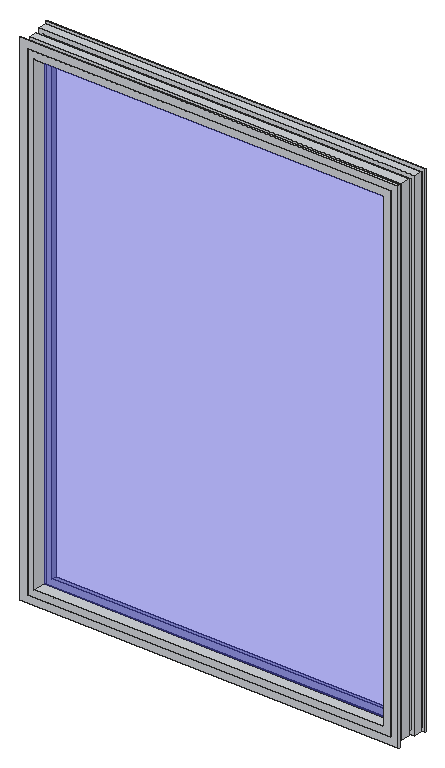
Revit family "3250 Contemporary_Fixed", category Windows, host Wall, Revit 2023
Family settings
  Host = Wall
  OmniClass Number = 23.30.20.00
  OmniClass Title = Windows
  Always vertical = Yes
  Cut with Voids When Loaded = No
  Shared = No
  Room Calculation Point = No
Parameters
  Rough Width = 3' - 0"
  Height = 4' - 0"
  Glass Material = Glass
  Frame Material = none
  Depth From Exterior = 0' - 1"
  Default Sill Height = 3' - 0"
  Wall Closure = By host
  Width = 3' - 0"
Reference planes (in)
  plane 1 "Center (Front/Back)": y = 0
  plane 2: z = 0
  plane 3 "Center (Left/Right)": x = 0
  plane 4 "Left": x = -18
  plane 5 "Right": x = 18
  plane 6 "Sill": z = 36
  plane 7 "Top": z = 84
  plane 8: y = 3
  plane 9: y = 2
  plane 10: y = -1.25
  plane 11: y = 2
  plane 12: y = -1.25
  plane 13: y = -0.1595
  plane 14: y = 0.8405
  plane 15: y = -0.1595
Forms (in)
  Sweep 1, solid
    path origin (0, 0, 0) x (1, 0, 0) y (0, 0, 1)
      loop
        line (18, 36) -> (18, 84) -> (-18, 84) -> (-18, 36) -> (18, 36)
    profile origin (0, 0, 36) x (0, 0, -1) y (0, -1, 0)
      loop
        line (-1.34375, -0.875) -> (-0.81915, -2) -> (0, -2) -> (0, -1.875) -> (-0.28125, -1.875) -> (-0.28125, -1.612) -> (-0.12188, -1.612) -> (-0.12188, -0.84422) -> (-0.49675, -0.84422) -> (-0.49675, -0.34375) -> (-0.26375, -0.34375) -> (-0.26375, 0.46854) -> (-0.46875, 0.46854) -> (-0.46875, 1.125) -> (0, 1.125) -> (0, 1.25) -> (-0.71875, 1.25) -> (-0.71875, -0.875) -> (-1.34375, -0.875)
  Sweep 2, solid
    path origin (0, 0, 0) x (1, 0, 0) y (0, 0, 1)
      loop
        line (-17.28125, 36.71875) -> (17.28125, 36.71875) -> (17.28125, 83.28125) -> (-17.28125, 83.28125) -> (-17.28125, 36.71875)
    profile origin (0, 0, 36.71875) x (0, 0, 1) y (0, -1, 0)
      loop
        line (0.625, 1.25) -> (0, 1.25) -> (0, 0.55375) -> (0.21501, 0.55375) -> (0.21501, 0.1595) -> (0.625, 0.1595) -> (0.625, 1.25)
  Sweep 3, solid, material "Glass" <- "Glass Material"
    path origin (0, 0, 0) x (0, 1, 0) y (0, 0, 1)
      loop
        line (0.60301, 36.71875) -> (0.60301, 83.28125)
    profile origin (0, 0.60301, 60) x (0, -1, 0) y (1, 0, 0)
      loop
        line (-0.23749, -17.28125) -> (0.01251, -17.28125) -> (0.01251, 17.28125) -> (-0.23749, 17.28125) -> (-0.23749, -17.28125)
      loop
        line (0.51251, -17.28125) -> (0.76251, -17.28125) -> (0.76251, 17.28125) -> (0.51251, 17.28125) -> (0.51251, -17.28125)
Lines and regions (in)
  Opening 1
    outline origin (-60, -3, 0) x (1, 0, 0) y (0, 0, 1)
      loop
        line (42, 84) -> (42, 36) -> (78, 36) -> (78, 84) -> (42, 84)
Text (in)
  text "EXTERIOR" at (-58.6888, 50.90694, 0), in view "Ref. Level"
  text "INTERIOR" at (-58.6888, -37.76638, 0), in view "Ref. Level"
  text "Exterior" at (0, 43.65631, 123.19604), in view "Left"
  text "Exterior" at (0, 18.29385, 125.04747), in view "Right"
Dimensions and locks (in)
  equal spacing: plane 4 "Left", plane 3 "Center (Left/Right)", plane 5 "Right"
  "Height": plane 6 "Sill" to plane 7 "Top"
  "Default Sill Height": plane 2 to plane 6 "Sill"
  "Width": plane 4 "Left" to plane 5 "Right"
  "Depth From Exterior": plane 8 to plane 9
  locked: plane 11 to plane 10 at 3.25
  locked: plane 13 to plane 12 at 1.0905
  locked: plane 14 to plane 15 at 1
  aligned and locked: plane 7 "Top" to Opening 1 sketch curve
  aligned and locked: plane 6 "Sill" to Opening 1 sketch curve  (x2)
  aligned and locked: plane 5 "Right" to Opening 1 sketch curve
  aligned and locked: plane 4 "Left" to Opening 1 sketch curve
  aligned and locked: level to plane 2
  aligned and locked: plane 8 to host wall
  aligned and locked: plane 6 "Sill" to Sweep 1 sketch curve
  aligned and locked: plane 4 "Left" to Sweep 1 sketch curve
  aligned and locked: Sweep 1 sketch curve to plane 7 "Top"
  aligned and locked: Sweep 1 sketch curve to plane 5 "Right"
  aligned and locked: plane 11 to Sweep 1
  aligned and locked: plane 10 to Sweep 1
  aligned and locked: plane 9 to plane 11
  aligned and locked: Sweep 2 sketch curve to Sweep 1  (x4)
  aligned and locked: plane 13 to Sweep 2
  aligned and locked: plane 12 to Sweep 2
  aligned and locked: plane 10 to plane 12
  aligned and locked: Sweep 1 to Sweep 3 sketch curve  (x2)
  aligned and locked: Sweep 3 sketch curve to Sweep 1  (x4)
  aligned and locked: plane 14 to Sweep 3
  aligned and locked: plane 15 to Sweep 3
  aligned and locked: plane 13 to plane 15
Automatic sketch dimensions
  profile plane to Sweep 1 sketch curve = 0' - 0.81915"
  Sweep 1 sketch curve to Sweep 1 sketch curve = 0' - 0.1004"
  Sweep 1 sketch curve to Sweep 1 sketch curve = 0' - 0.222"
  Sweep 1 sketch curve to Sweep 1 sketch curve = 0' - 0.028"
  Sweep 1 sketch curve to Sweep 1 sketch curve = 0' - 0.5379"
  Sweep 1 sketch curve to Sweep 1 sketch curve = 0' - 0.205"
  Sweep 1 sketch curve to Sweep 1 sketch curve = 0' - 0.15937"
  Sweep 1 sketch curve to Sweep 1 sketch curve = 0' - 0 15/32"
  Sweep 1 sketch curve to Sweep 1 sketch curve = 0' - 0 9/32"
  Sweep 1 sketch curve to plane 1 "Center (Front/Back)" = 0' - 2"
  Sweep 1 sketch curve to Sweep 1 sketch curve = 0' - 0 1/8"  (x2)
  Sweep 1 sketch curve to Sweep 1 sketch curve = 0' - 0.263"
  Sweep 1 sketch curve to Sweep 1 sketch curve = 0' - 0.76778"
  Sweep 1 sketch curve to Sweep 1 sketch curve = 0' - 0.50047"
  Sweep 1 sketch curve to Sweep 1 sketch curve = 0' - 0.81229"
  Sweep 1 sketch curve to Sweep 1 sketch curve = 0' - 0.65646"
  Sweep 1 sketch curve to Sweep 1 sketch curve = 0' - 0 5/8"
  Sweep 1 sketch curve to Sweep 1 sketch curve = 0' - 0.03078"
  Sweep 2 sketch curve to profile plane = 0' - 0"
  Sweep 2 sketch curve to Sweep 2 sketch curve = 0' - 0.21501"
  Sweep 2 sketch curve to Sweep 2 sketch curve = 0' - 0.40999"
  plane 1 "Center (Front/Back)" to Sweep 2 sketch curve = 0' - 0.1595"
  Sweep 2 sketch curve to Sweep 2 sketch curve = 0' - 0.39425"
  Sweep 2 sketch curve to Sweep 2 sketch curve = 0' - 0.69625"
  Sweep 3 sketch curve to plane 1 "Center (Front/Back)" = 0' - 0.60301"
  profile plane to Sweep 3 sketch curve = 0' - 0.23749"
  Sweep 3 sketch curve to Sweep 3 sketch curve = 0' - 0 1/4"  (x2)
  Sweep 3 sketch curve to Sweep 3 sketch curve = 0' - 0 3/4"
